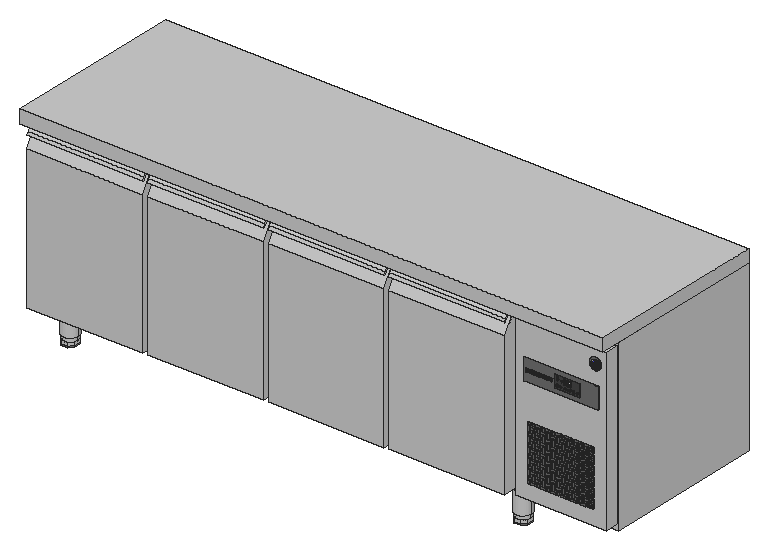
Revit family "QF_HOSHIZAKI_889040822", category Specialty Equipment, Revit 2016 (continued)
Definition of nested family "QF_HOSHIZAKI_ADVANCE_REF-COUNTER-DOORS-DRAWERS"
  Nested families
    nested 1: "Right_Door" at (0, 0, 0), Section size <- "Section size", type "Right door"
      with Worktop thickness 50 mm, Section size 446 mm, Legs height 0 mm, Height Actual 700 mm, Depth Actual 0 mm
    nested 2: "Left_Door" at (0, 0, 0), Section size <- "Section size", type "Left door"
      with Worktop thickness 50 mm, Section size 446 mm, Legs height 0 mm, Height Actual 700 mm, Depth Actual 0 mm, Left hand hinged door no
    nested 3: "3_Drawers_1-3" at (0, 0, 0), Section size <- "Section size", type "3 Drawers 1-3"
      with Worktop thickness 50 mm, Section size 446 mm, Legs height 0 mm, Height Actual 700 mm, Depth Actual 0 mm, 3 Drawers no
    nested 4: "2_Drawers_1-2" at (0, 0, 0), Section size <- "Section size", type "2 Drawers 1-2"
      with Worktop thickness 50 mm, Section size 446 mm, Legs height 0 mm, Height Actual 700 mm, Depth Actual 0 mm, 2 Drawers no
    nested 5: "3_Drawers_1-3_2-3" at (0, 0, 0), Section size <- "Section size", type "2 Drawers 1-3 and 2-3"
      with Worktop thickness 40 mm, Section size 446 mm, Legs height 0 mm, Height Actual 750 mm, Depth Actual 0 mm, 2 Drawers 1-3 and 2-3 no
    nested 6: "Right_Glass_Door" at (0, 0, 0), Section size <- "Section size", type "Right glass door"
      with Worktop thickness 40 mm, Section size 446 mm, Legs height 0 mm, Height Actual 750 mm, Depth Actual 0 mm, Right hand hinged glass door no
    nested 7: "Left_Glass_Door" at (0, 0, 0), Section size <- "Section size", type "Left glass door"
      with Worktop thickness 40 mm, Section size 446 mm, Legs height 0 mm, Height Actual 750 mm, Depth Actual 0 mm, Left hand hinged glass door no
  Definition of nested family "Right_Door"
    Parameters (values of type "Right door")
      Worktop thickness [instance] = 50 mm
      URL = "www.specifiglobal.com"
      Section size [instance] = 446 mm
      Right hand hinged door = yes
      Model = ""
      Manufacturer = "DEMO CONSULTANT"
      Legs height [instance] = 150 mm
      Height Actual [instance] = 850 mm
      Description = ""
      Depth Actual [instance] = 700 mm
      Assembly Code = "E1090320"
    Reference planes
      plane 1 "Back": y = 0
      plane 2: z = 0
      plane 3 "Left": x = 0
      plane 4 "Right": x = 446
      plane 5 "Front": y = -700
      plane 6 "Top": z = 850
      plane 7 "Front door": y = -633
      plane 8 "Bottom shelf": z = 150
      plane 9 "Worktop bottom": z = 800
      plane 10: z = 784
      plane 11: z = 170
    Forms (mm)
      Extrusion 1, solid, visible <- "Right hand hinged door", detail levels coarse
        sketch origin (0, -608.657, 170) x (0, 1, 0) y (-1, 0, 0)
          loop
            arc (-85.343, 0) -> (-400.712, -130.63) -> (-531.343, -446) r 446
            line (-531.343, -446) -> (-85.343, -446) -> (-85.343, 0)
        from 0 to 614
      Extrusion 2, solid, visible <- "Right hand hinged door"
        sketch origin (860, -633, 4000) x (-1, 0, 0) y (0, 0, 1)
          loop
            line (852, -3224) -> (422, -3224) -> (422, -3822) -> (852, -3822) -> (852, -3224)
          loop
            line (823, -3253) -> (451, -3253) -> (451, -3793) -> (823, -3793) -> (823, -3253)
        from 0 to -11
      Extrusion 3, solid, visible <- "Right hand hinged door"
        sketch origin (0, 0, 0) x (0, 1, 0) y (0, 0, 1)
          loop
            line (-644, 784) -> (-675.296, 784)
            arc (-675.296, 784) -> (-683.245, 781.721) -> (-688.778, 775.576) r 15
            line (-688.778, 775.576) -> (-694, 764.869) -> (-692.202, 763.992) -> (-686.981, 774.699)
            arc (-686.981, 774.699) -> (-682.185, 780.025) -> (-675.296, 782) r 13
            line (-675.296, 782) -> (-656.484, 782) -> (-694, 717.02) -> (-694, 170) -> (-644, 170) -> (-644, 784)
        from 0 to 446
    Lines and regions (mm)
      symbolic lines, visible <- "Right hand hinged door"
        curve 1: line (446, -700, 850) -> (446, -1140, 850)
        curve 2: arc (0.04, -700, 850) -> (132.759, -1011.484, 850) -> (446, -1140, 850) r 446
    Dimensions and locks
      "Section size": plane 3 "Left" to plane 4 "Right"
      "Depth Actual": plane 5 "Front" to plane 1 "Back"
      "Height Actual": plane 6 "Top" to level
      locked: plane 7 "Front door" to plane 5 "Front" at 67
      "Legs height": plane 8 "Bottom shelf" to plane 2
      "Worktop thickness": plane 6 "Top" to plane 9 "Worktop bottom"
      locked: plane 11 to plane 8 "Bottom shelf" at 20
      locked: plane 9 "Worktop bottom" to plane 10 at 16
      aligned and locked: level to plane 2
      aligned and locked: Extrusion 1 to plane 10
      aligned and locked: Extrusion 3 to plane 4 "Right"
      aligned and locked: curve 2 to Extrusion 1
      aligned and locked: plane 10 to Extrusion 3 sketch curve
      aligned and locked: Extrusion 3 sketch curve to plane 11
    Automatic sketch dimensions
      plane 4 "Right" to Extrusion 2 sketch curve = 8 mm
      plane 4 "Right" to Extrusion 2 sketch curve = 37 mm
      plane 3 "Left" to Extrusion 2 sketch curve = 37 mm
      plane 3 "Left" to Extrusion 2 sketch curve = 8 mm
      plane 11 to Extrusion 2 sketch curve = 8 mm
      plane 11 to Extrusion 2 sketch curve = 37 mm
      Extrusion 2 sketch curve to plane 10 = 37 mm
      Extrusion 2 sketch curve to plane 10 = 8 mm
      Extrusion 1 sketch curve to plane 4 "Right" = 0 mm
      Extrusion 1 sketch curve to plane 3 "Left" = 0 mm
      plane 5 "Front" to Extrusion 1 sketch curve = 6 mm
      curve 1 to plane 5 "Front" = 0 mm
      curve 2 to plane 5 "Front" = 0 mm
      Extrusion 3 sketch curve to Extrusion 3 sketch curve = 0 mm  (x2)
      Extrusion 3 sketch curve to plane 7 "Front door" = 61 mm  (x2)
      Extrusion 3 sketch curve to Extrusion 3 sketch curve = 1.798 mm  (x2)
      Extrusion 3 sketch curve to plane 10 = 8.424 mm
      Extrusion 3 sketch curve to Extrusion 3 sketch curve = 5.222 mm
      Extrusion 3 sketch curve to plane 10 = 9.301 mm
      Extrusion 3 sketch curve to plane 7 "Front door" = 42.296 mm
      Extrusion 3 sketch curve to plane 7 "Front door" = 23.484 mm
      Extrusion 3 sketch curve to Extrusion 3 sketch curve = 12.484 mm
      Extrusion 3 sketch curve to Extrusion 3 sketch curve = 46.972 mm
  Definition of nested family "Left_Door"
    Parameters (values of type "Left door")
      Worktop thickness [instance] = 50 mm
      URL = "www.specifiglobal.com"
      Section size [instance] = 450 mm
      Model = ""
      Manufacturer = "DEMO CONSULTANT"
      Legs height [instance] = 150 mm
      Left hand hinged door = yes
      Height Actual [instance] = 850 mm
      Description = ""
      Depth Actual [instance] = 700 mm
      Assembly Code = "E1090320"
    Reference planes
      plane 1 "Back": y = 0
      plane 2: z = 0
      plane 3 "Left": x = 0
      plane 4 "Right": x = 450
      plane 5 "Front": y = -700
      plane 6 "Top": z = 850
      plane 7 "Front door": y = -633
      plane 8 "Bottom shelf": z = 150
      plane 9 "Worktop bottom": z = 800
      plane 10: z = 784
      plane 11: z = 170
    Forms (mm)
      Extrusion 1, solid, visible <- "Left hand hinged door"
        sketch origin (860, -633, 4000) x (-1, 0, 0) y (0, 0, 1)
          loop
            line (852, -3224) -> (418, -3224) -> (418, -3822) -> (852, -3822) -> (852, -3224)
          loop
            line (823, -3253) -> (447, -3253) -> (447, -3793) -> (823, -3793) -> (823, -3253)
        from 0 to -11
      Extrusion 2, solid, visible <- "Left hand hinged door"
        sketch origin (0, 0, 0) x (0, 1, 0) y (0, 0, 1)
          loop
            line (-644, 784) -> (-675.296, 784)
            arc (-675.296, 784) -> (-683.245, 781.721) -> (-688.778, 775.576) r 15
            line (-688.778, 775.576) -> (-694, 764.869) -> (-692.202, 763.992) -> (-686.981, 774.699)
            arc (-686.981, 774.699) -> (-682.185, 780.025) -> (-675.296, 782) r 13
            line (-675.296, 782) -> (-656.484, 782) -> (-694, 717.02) -> (-694, 170) -> (-644, 170) -> (-644, 784)
        from 0 to 450
      Extrusion 3, solid, visible <- "Left hand hinged door", detail levels coarse
        sketch origin (0, -608.657, 170) x (0, 1, 0) y (-1, 0, 0)
          loop
            line (-85.343, -450) -> (-85.343, 0) -> (-535.343, 0)
            arc (-535.343, 0) -> (-403.541, -318.198) -> (-85.343, -450) r 450
        from 0 to 614
    Lines and regions (mm)
      symbolic lines, visible <- "Left hand hinged door"
        curve 1: line (0, -700, 850) -> (0, -1144, 850)
        curve 2: arc (0, -1144, 850) -> (316.07, -1014.312, 850) -> (449.96, -700, 850) r 450
    Dimensions and locks
      "Section size": plane 3 "Left" to plane 4 "Right"
      "Depth Actual": plane 5 "Front" to plane 1 "Back"
      "Height Actual": plane 6 "Top" to level
      locked: plane 7 "Front door" to plane 5 "Front" at 67
      "Legs height": plane 8 "Bottom shelf" to plane 2
      "Worktop thickness": plane 6 "Top" to plane 9 "Worktop bottom"
      locked: plane 11 to plane 8 "Bottom shelf" at 20
      locked: plane 9 "Worktop bottom" to plane 10 at 16
      aligned and locked: level to plane 2
      aligned and locked: Extrusion 2 to plane 4 "Right"
      aligned and locked: Extrusion 3 to plane 10
      aligned and locked: curve 2 to Extrusion 3
      aligned and locked: plane 10 to Extrusion 2 sketch curve
      aligned and locked: Extrusion 2 sketch curve to plane 11
    Automatic sketch dimensions
      plane 4 "Right" to Extrusion 1 sketch curve = 8 mm
      plane 4 "Right" to Extrusion 1 sketch curve = 37 mm
      plane 3 "Left" to Extrusion 1 sketch curve = 37 mm
      plane 3 "Left" to Extrusion 1 sketch curve = 8 mm
      plane 11 to Extrusion 1 sketch curve = 8 mm
      plane 11 to Extrusion 1 sketch curve = 37 mm
      Extrusion 1 sketch curve to plane 10 = 37 mm
      Extrusion 1 sketch curve to plane 10 = 8 mm
      Extrusion 3 sketch curve to plane 3 "Left" = 0 mm
      Extrusion 3 sketch curve to plane 4 "Right" = 0 mm
      plane 5 "Front" to Extrusion 3 sketch curve = 6 mm
      curve 1 to plane 5 "Front" = 0 mm
      curve 2 to plane 5 "Front" = 0 mm
      Extrusion 2 sketch curve to Extrusion 2 sketch curve = 0 mm  (x2)
      plane 5 "Front" to Extrusion 2 sketch curve = 6 mm  (x2)
      Extrusion 2 sketch curve to Extrusion 2 sketch curve = 1.798 mm
      plane 5 "Front" to Extrusion 2 sketch curve = 11.222 mm
      Extrusion 2 sketch curve to Extrusion 2 sketch curve = 11.684 mm
      Extrusion 2 sketch curve to Extrusion 2 sketch curve = 18.812 mm
      Extrusion 2 sketch curve to plane 7 "Front door" = 11 mm
      Extrusion 2 sketch curve to plane 10 = 66.98 mm
      Extrusion 2 sketch curve to plane 10 = 20.008 mm
      Extrusion 2 sketch curve to Extrusion 2 sketch curve = 0.877 mm  (x2)
  Definition of nested family "3_Drawers_1-3"
    Parameters (values of type "3 Drawers 1-3")
      Worktop thickness [instance] = 50 mm
      URL = "www.specifiglobal.com"
      Section size [instance] = 446 mm
      Model = ""
      Manufacturer = "DEMO CONSULTANT"
      Legs height [instance] = 150 mm
      Height Actual [instance] = 850 mm
      Description = ""
      Depth Actual [instance] = 700 mm
      Assembly Code = "E1090320"
      3 Drawers = yes
    Reference planes
      plane 1 "Back": y = 0
      plane 2: z = 0
      plane 3 "Left": x = 0
      plane 4 "Right": x = 446
      plane 5 "Front": y = -700
      plane 6 "Top": z = 850
      plane 7 "Front door": y = -633
      plane 8 "Bottom shelf": z = 150
      plane 9 "Worktop bottom": z = 800
      plane 10: z = 784
      plane 11: z = 170
      plane 12: z = 584
      plane 13: z = 577
      plane 14: z = 370
      plane 15: z = 377
      plane 16: z = 580.5
      plane 17: z = 373.5
      plane 18: z = 166.5
      plane 19: z = 787.5
    Forms (mm)
      Extrusion 1, solid, visible <- "3 Drawers"
        sketch origin (860, -633, 4000) x (-1, 0, 0) y (0, 0, 1)
          loop
            line (852, -3224) -> (422, -3224) -> (422, -3408) -> (852, -3408) -> (852, -3224)
          loop
            line (823, -3253) -> (451, -3253) -> (451, -3379) -> (823, -3379) -> (823, -3253)
        from 0 to -11
      Extrusion 2, solid, visible <- "3 Drawers"
        sketch origin (0, 0, 0) x (0, 1, 0) y (0, 0, 1)
          loop
            line (-644, 784) -> (-675.296, 784)
            arc (-675.296, 784) -> (-683.245, 781.721) -> (-688.778, 775.576) r 15
            line (-688.778, 775.576) -> (-694, 764.869) -> (-692.202, 763.992) -> (-686.981, 774.699)
            arc (-686.981, 774.699) -> (-682.185, 780.025) -> (-675.296, 782) r 13
            line (-675.296, 782) -> (-656.484, 782) -> (-694, 717.02) -> (-694, 584) -> (-644, 584) -> (-644, 784)
        from 0 to 446
      Extrusion 3, solid, visible <- "3 Drawers"
        sketch origin (0, 0, -237.3) x (0, 1, 0) y (0, 0, 1)
          loop
            line (-644, 814.3) -> (-675.296, 814.3)
            arc (-675.296, 814.3) -> (-683.245, 812.021) -> (-688.778, 805.876) r 15
            line (-688.778, 805.876) -> (-694, 795.169) -> (-692.202, 794.292) -> (-686.981, 804.999)
            arc (-686.981, 804.999) -> (-682.185, 810.325) -> (-675.296, 812.3) r 13
            line (-675.296, 812.3) -> (-656.484, 812.3) -> (-694, 747.32) -> (-694, 614.3) -> (-644, 614.3) -> (-644, 814.3)
        from 0 to 446
      Extrusion 4, solid, visible <- "3 Drawers"
        sketch origin (0, 0, -463.333) x (0, 1, 0) y (0, 0, 1)
          loop
            line (-644, 833.333) -> (-675.296, 833.333)
            arc (-675.296, 833.333) -> (-683.245, 831.054) -> (-688.778, 824.909) r 15
            line (-688.778, 824.909) -> (-694, 814.202) -> (-692.202, 813.326) -> (-686.981, 824.032)
            arc (-686.981, 824.032) -> (-682.185, 829.358) -> (-675.296, 831.333) r 13
            line (-675.296, 831.333) -> (-656.484, 831.333) -> (-694, 766.353) -> (-694, 633.333) -> (-644, 633.333) -> (-644, 833.333)
        from 0 to 446
      Extrusion 5, solid, visible <- "3 Drawers"
        sketch origin (860, -633, 3773.7) x (-1, 0, 0) y (0, 0, 1)
          loop
            line (852, -3204.7) -> (422, -3204.7) -> (422, -3388.7) -> (852, -3388.7) -> (852, -3204.7)
          loop
            line (823, -3233.7) -> (451, -3233.7) -> (451, -3359.7) -> (823, -3359.7) -> (823, -3233.7)
        from 0 to -11
      Extrusion 6, solid, visible <- "3 Drawers"
        sketch origin (860, -633, 3547) x (-1, 0, 0) y (0, 0, 1)
          loop
            line (852, -3185) -> (422, -3185) -> (422, -3369) -> (852, -3369) -> (852, -3185)
          loop
            line (823, -3214) -> (451, -3214) -> (451, -3340) -> (823, -3340) -> (823, -3214)
        from 0 to -11
      Extrusion 7, solid, visible <- "3 Drawers", detail levels coarse
        sketch origin (0, -608.657, 584) x (0, 1, 0) y (-1, 0, 0)
          loop
            line (-85.343, 0) -> (-551.343, 0) -> (-551.343, -446) -> (-85.343, -446) -> (-85.343, 0)
        from 0 to 200
      Extrusion 8, solid, visible <- "3 Drawers", detail levels coarse
        sketch origin (0, -503.657, 377) x (0, 1, 0) y (-1, 0, 0)
          loop
            line (-190.343, 0) -> (-656.343, 0) -> (-656.343, -446) -> (-190.343, -446) -> (-190.343, 0)
        from 0 to 200
      Extrusion 9, solid, visible <- "3 Drawers", detail levels coarse
        sketch origin (0, -343.657, 170) x (0, 1, 0) y (-1, 0, 0)
          loop
            line (-350.343, 0) -> (-816.343, 0) -> (-816.343, -446) -> (-350.343, -446) -> (-350.343, 0)
        from 0 to 200
    Lines and regions (mm)
      symbolic lines, visible <- "3 Drawers"
        curve 1: line (0, -808, 850) -> (0, -854, 850)
        curve 2: line (0, -854, 850) -> (446, -854, 850)
        curve 3: line (446, -854, 850) -> (446, -808, 850)
        curve 4: line (446, -808, 850) -> (0, -808, 850)
        curve 5: line (416, -808, 850) -> (416, -700, 850)
        curve 6: line (30, -808, 850) -> (30, -700, 850)
        curve 7: line (0, -961, 850) -> (0, -1007, 850)
        curve 8: line (0, -1007, 850) -> (446, -1007, 850)
        curve 9: line (446, -1007, 850) -> (446, -961, 850)
        curve 10: line (446, -961, 850) -> (0, -961, 850)
        curve 11: line (416, -961, 850) -> (416, -854, 850)
        curve 12: line (30, -961, 850) -> (30, -854, 850)
        curve 13: line (0, -1114, 850) -> (0, -1160, 850)
        curve 14: line (0, -1160, 850) -> (446, -1160, 850)
        curve 15: line (446, -1160, 850) -> (446, -1114, 850)
        curve 16: line (446, -1114, 850) -> (0, -1114, 850)
        curve 17: line (416, -1114, 850) -> (416, -1007, 850)
        curve 18: line (30, -1114, 850) -> (30, -1007, 850)
    Dimensions and locks
      "Section size": plane 3 "Left" to plane 4 "Right"
      "Depth Actual": plane 5 "Front" to plane 1 "Back"
      "Height Actual": plane 6 "Top" to level
      locked: plane 7 "Front door" to plane 5 "Front" at 67
      "Legs height": plane 8 "Bottom shelf" to plane 2
      "Worktop thickness": plane 6 "Top" to plane 9 "Worktop bottom"
      locked: plane 11 to plane 8 "Bottom shelf" at 20
      locked: plane 9 "Worktop bottom" to plane 10 at 16
      locked: plane 12 to plane 13 at 7
      locked: plane 15 to plane 14 at 7
      locked: plane 11 to plane 18 at 3.5
      equal spacing: plane 12, plane 16, plane 13
      equal spacing: plane 15, plane 17, plane 14
      locked: plane 19 to plane 10 at 3.5
      equal spacing: plane 19, plane 16, plane 17, plane 18
      aligned and locked: level to plane 2
      aligned and locked: Extrusion 2 to plane 4 "Right"
      aligned and locked: Extrusion 3 to plane 4 "Right"
      aligned and locked: Extrusion 4 to plane 4 "Right"
      aligned and locked: plane 4 "Right" to Extrusion 7 sketch curve
      aligned and locked: plane 3 "Left" to Extrusion 7 sketch curve
      aligned and locked: Extrusion 7 to plane 10
      aligned and locked: Extrusion 8 to plane 13
      aligned and locked: Extrusion 9 to plane 14
      aligned and locked: plane 10 to Extrusion 2 sketch curve
      aligned and locked: Extrusion 2 sketch curve to plane 12
      aligned and locked: Extrusion 3 sketch curve to plane 15
      aligned and locked: plane 13 to Extrusion 3 sketch curve
    Automatic sketch dimensions
      plane 4 "Right" to Extrusion 1 sketch curve = 8 mm
      plane 4 "Right" to Extrusion 1 sketch curve = 37 mm
      plane 3 "Left" to Extrusion 1 sketch curve = 37 mm
      plane 3 "Left" to Extrusion 1 sketch curve = 8 mm
      plane 12 to Extrusion 1 sketch curve = 8 mm
      plane 12 to Extrusion 1 sketch curve = 37 mm
      Extrusion 1 sketch curve to plane 10 = 37 mm
      Extrusion 1 sketch curve to plane 10 = 8 mm
      plane 4 "Right" to Extrusion 5 sketch curve = 8 mm
      plane 4 "Right" to Extrusion 5 sketch curve = 37 mm
      plane 3 "Left" to Extrusion 5 sketch curve = 37 mm
      plane 3 "Left" to Extrusion 5 sketch curve = 8 mm
      plane 15 to Extrusion 5 sketch curve = 8 mm
      plane 15 to Extrusion 5 sketch curve = 37 mm
      Extrusion 5 sketch curve to plane 13 = 37 mm
      Extrusion 5 sketch curve to plane 13 = 8 mm
      plane 4 "Right" to Extrusion 6 sketch curve = 8 mm
      plane 4 "Right" to Extrusion 6 sketch curve = 37 mm
      plane 3 "Left" to Extrusion 6 sketch curve = 37 mm
      plane 3 "Left" to Extrusion 6 sketch curve = 8 mm
      plane 11 to Extrusion 6 sketch curve = 8 mm
      plane 11 to Extrusion 6 sketch curve = 37 mm
      Extrusion 6 sketch curve to plane 14 = 37 mm
      Extrusion 6 sketch curve to plane 14 = 8 mm
      Extrusion 7 sketch curve to plane 5 "Front" = 460 mm
      plane 5 "Front" to Extrusion 7 sketch curve = 6 mm
      Extrusion 8 sketch curve to plane 3 "Left" = 0 mm
      Extrusion 8 sketch curve to plane 4 "Right" = 0 mm
      Extrusion 8 sketch curve to plane 5 "Front" = 460 mm
      plane 5 "Front" to Extrusion 8 sketch curve = 6 mm
      Extrusion 9 sketch curve to plane 3 "Left" = 0 mm
      Extrusion 9 sketch curve to plane 4 "Right" = 0 mm
      Extrusion 9 sketch curve to plane 5 "Front" = 460 mm
      plane 5 "Front" to Extrusion 9 sketch curve = 6 mm
      curve 13 to plane 3 "Left" = 0 mm
      curve 14 to plane 4 "Right" = 0 mm
      curve 7 to plane 3 "Left" = 0 mm
      curve 8 to plane 4 "Right" = 0 mm
      curve 1 to plane 3 "Left" = 0 mm
      curve 3 to plane 4 "Right" = 0 mm
      curve 6 to plane 5 "Front" = 0 mm
      curve 5 to plane 5 "Front" = 0 mm
      curve 1 to plane 5 "Front" = 108 mm
      curve 2 to curve 3 = 46 mm
      curve 7 to curve 1 = 107 mm
      curve 9 to curve 9 = 46 mm
      curve 16 to curve 7 = 107 mm
      curve 14 to curve 13 = 46 mm
      curve 8 to curve 17 = 30 mm
      curve 9 to curve 11 = 30 mm
      curve 3 to curve 5 = 30 mm
      plane 3 "Left" to curve 6 = 30 mm
      plane 3 "Left" to curve 18 = 30 mm
      plane 3 "Left" to curve 12 = 30 mm
      Extrusion 2 sketch curve to Extrusion 2 sketch curve = 0 mm  (x3)
      plane 5 "Front" to Extrusion 2 sketch curve = 6 mm  (x2)
      Extrusion 2 sketch curve to Extrusion 2 sketch curve = 1.798 mm  (x2)
      Extrusion 2 sketch curve to Extrusion 2 sketch curve = 11.684 mm
      plane 5 "Front" to Extrusion 2 sketch curve = 43.516 mm
      plane 5 "Front" to Extrusion 2 sketch curve = 56 mm
      Extrusion 2 sketch curve to plane 10 = 66.98 mm
      Extrusion 3 sketch curve to Extrusion 3 sketch curve = 0 mm  (x4)
      Extrusion 3 sketch curve to Extrusion 3 sketch curve = 1.798 mm  (x2)
      plane 5 "Front" to Extrusion 3 sketch curve = 11.222 mm
      Extrusion 3 sketch curve to Extrusion 3 sketch curve = 18.812 mm
      Extrusion 3 sketch curve to plane 7 "Front door" = 11 mm
      Extrusion 3 sketch curve to Extrusion 3 sketch curve = 46.972 mm
      Extrusion 4 sketch curve to Extrusion 4 sketch curve = 0 mm  (x2)
      Extrusion 4 sketch curve to plane 11 = 0 mm
      Extrusion 4 sketch curve to plane 14 = 0 mm
      Extrusion 4 sketch curve to plane 7 "Front door" = 61 mm  (x2)
      Extrusion 4 sketch curve to Extrusion 4 sketch curve = 1.798 mm  (x2)
      Extrusion 4 sketch curve to plane 14 = 8.424 mm
      Extrusion 4 sketch curve to Extrusion 4 sketch curve = 5.222 mm
      Extrusion 4 sketch curve to plane 14 = 9.301 mm
      Extrusion 4 sketch curve to plane 7 "Front door" = 42.296 mm
      Extrusion 4 sketch curve to plane 7 "Front door" = 23.484 mm
      Extrusion 4 sketch curve to plane 7 "Front door" = 11 mm
      Extrusion 4 sketch curve to Extrusion 4 sketch curve = 46.972 mm
      plane 5 "Front" to Extrusion 2 sketch curve = 11.222 mm
      plane 5 "Front" to Extrusion 3 sketch curve = 7.798 mm
      plane 5 "Front" to Extrusion 3 sketch curve = 6 mm
      Extrusion 3 sketch curve to Extrusion 3 sketch curve = 11.684 mm
      Extrusion 3 sketch curve to Extrusion 3 sketch curve = 66.98 mm
      Extrusion 3 sketch curve to Extrusion 3 sketch curve = 0.877 mm
      Extrusion 2 sketch curve to plane 10 = 20.008 mm
      Extrusion 2 sketch curve to Extrusion 2 sketch curve = 0.877 mm
  Definition of nested family "2_Drawers_1-2"
    Parameters (values of type "2 Drawers 1-2")
      Worktop thickness [instance] = 50 mm
      URL = "www.specifiglobal.com"
      Section size [instance] = 446 mm
      Model = ""
      Manufacturer = "DEMO CONSULTANT"
      Legs height [instance] = 150 mm
      Height Actual [instance] = 850 mm
      Description = ""
      Depth Actual [instance] = 700 mm
      Assembly Code = "E1090320"
      2 Drawers = yes
    Reference planes
      plane 1 "Back": y = 0
      plane 2: z = 0
      plane 3 "Left": x = 0
      plane 4 "Right": x = 446
      plane 5 "Front": y = -700
      plane 6 "Top": z = 850
      plane 7 "Front door": y = -633
      plane 8 "Bottom shelf": z = 150
      plane 9 "Worktop bottom": z = 800
      plane 10: z = 784
      plane 11: z = 170
      plane 12: z = 481
      plane 13: z = 473
      plane 14: z = 477
      plane 15: z = 792
      plane 16: z = 160
    Forms (mm)
      Extrusion 1, solid, visible <- "2 Drawers"
        sketch origin (860, -633, 4000) x (-1, 0, 0) y (0, 0, 1)
          loop
            line (852, -3224) -> (422, -3224) -> (422, -3511) -> (852, -3511) -> (852, -3224)
          loop
            line (823, -3253) -> (451, -3253) -> (451, -3482) -> (823, -3482) -> (823, -3253)
        from 0 to -11
      Extrusion 2, solid, visible <- "2 Drawers"
        sketch origin (0, 0, 0) x (0, 1, 0) y (0, 0, 1)
          loop
            line (-644, 784) -> (-675.296, 784)
            arc (-675.296, 784) -> (-683.245, 781.721) -> (-688.778, 775.576) r 15
            line (-688.778, 775.576) -> (-694, 764.869) -> (-692.202, 763.992) -> (-686.981, 774.699)
            arc (-686.981, 774.699) -> (-682.185, 780.025) -> (-675.296, 782) r 13
            line (-675.296, 782) -> (-656.484, 782) -> (-694, 717.02) -> (-694, 481) -> (-644, 481) -> (-644, 784)
        from 0 to 446
      Extrusion 3, solid, visible <- "2 Drawers"
        sketch origin (0, 0, -463.333) x (0, 1, 0) y (0, 0, 1)
          loop
            line (-644, 936.333) -> (-675.296, 936.333)
            arc (-675.296, 936.333) -> (-683.245, 934.054) -> (-688.778, 927.909) r 15
            line (-688.778, 927.909) -> (-694, 917.202) -> (-692.202, 916.326) -> (-686.981, 927.032)
            arc (-686.981, 927.032) -> (-682.185, 932.358) -> (-675.296, 934.333) r 13
            line (-675.296, 934.333) -> (-656.484, 934.333) -> (-694, 869.353) -> (-694, 633.333) -> (-644, 633.333) -> (-644, 936.333)
        from 0 to 446
      Extrusion 4, solid, visible <- "2 Drawers"
        sketch origin (860, -633, 3547) x (-1, 0, 0) y (0, 0, 1)
          loop
            line (852, -3082) -> (422, -3082) -> (422, -3369) -> (852, -3369) -> (852, -3082)
          loop
            line (823, -3111) -> (451, -3111) -> (451, -3340) -> (823, -3340) -> (823, -3111)
        from 0 to -11
      Extrusion 5, solid, visible <- "2 Drawers", detail levels coarse
        sketch origin (0, -608.657, 481) x (0, 1, 0) y (-1, 0, 0)
          loop
            line (-85.343, 0) -> (-551.343, 0) -> (-551.343, -446) -> (-85.343, -446) -> (-85.343, 0)
        from 0 to 303
      Extrusion 6, solid, visible <- "2 Drawers", detail levels coarse
        sketch origin (0, -343.657, 170) x (0, 1, 0) y (-1, 0, 0)
          loop
            line (-350.343, 0) -> (-816.343, 0) -> (-816.343, -446) -> (-350.343, -446) -> (-350.343, 0)
        from 0 to 303
    Lines and regions (mm)
      symbolic lines, visible <- "2 Drawers"
        curve 1: line (0, -884, 850) -> (0, -930, 850)
        curve 2: line (0, -930, 850) -> (446, -930, 850)
        curve 3: line (446, -930, 850) -> (446, -884, 850)
        curve 4: line (446, -884, 850) -> (0, -884, 850)
        curve 5: line (416, -884, 850) -> (416, -700, 850)
        curve 6: line (30, -884, 850) -> (30, -700, 850)
        curve 7: line (0, -1114, 850) -> (0, -1160, 850)
        curve 8: line (0, -1160, 850) -> (446, -1160, 850)
        curve 9: line (446, -1160, 850) -> (446, -1114, 850)
        curve 10: line (446, -1114, 850) -> (0, -1114, 850)
        curve 11: line (416, -1114, 850) -> (416, -930, 850)
        curve 12: line (30, -1114, 850) -> (30, -930, 850)
    Dimensions and locks
      "Section size": plane 3 "Left" to plane 4 "Right"
      "Depth Actual": plane 5 "Front" to plane 1 "Back"
      "Height Actual": plane 6 "Top" to level
      locked: plane 7 "Front door" to plane 5 "Front" at 67
      "Legs height": plane 8 "Bottom shelf" to plane 2
      "Worktop thickness": plane 6 "Top" to plane 9 "Worktop bottom"
      locked: plane 11 to plane 8 "Bottom shelf" at 20
      locked: plane 9 "Worktop bottom" to plane 10 at 16
      equal spacing: plane 9 "Worktop bottom", plane 15, plane 10
      equal spacing: plane 11, plane 16, plane 8 "Bottom shelf"
      plane 12 to plane 13 = 8 mm
      equal spacing: plane 12, plane 14, plane 13
      equal spacing: plane 10, plane 14, plane 11
      aligned and locked: level to plane 2
      aligned and locked: Extrusion 2 to plane 4 "Right"
      aligned and locked: Extrusion 3 to plane 4 "Right"
      aligned and locked: plane 4 "Right" to Extrusion 5 sketch curve
      aligned and locked: plane 3 "Left" to Extrusion 5 sketch curve
      aligned and locked: Extrusion 5 to plane 10
      aligned and locked: Extrusion 6 to plane 13
      aligned and locked: Extrusion 2 sketch curve to plane 12
      aligned and locked: plane 10 to Extrusion 2 sketch curve
      aligned and locked: Extrusion 3 sketch curve to plane 11
      aligned and locked: plane 13 to Extrusion 3 sketch curve
    Automatic sketch dimensions
      plane 4 "Right" to Extrusion 1 sketch curve = 8 mm
      plane 4 "Right" to Extrusion 1 sketch curve = 37 mm
      plane 3 "Left" to Extrusion 1 sketch curve = 37 mm
      plane 3 "Left" to Extrusion 1 sketch curve = 8 mm
      plane 12 to Extrusion 1 sketch curve = 8 mm
      plane 12 to Extrusion 1 sketch curve = 37 mm
      Extrusion 1 sketch curve to plane 10 = 37 mm
      Extrusion 1 sketch curve to plane 10 = 8 mm
      plane 4 "Right" to Extrusion 4 sketch curve = 8 mm
      plane 4 "Right" to Extrusion 4 sketch curve = 37 mm
      plane 3 "Left" to Extrusion 4 sketch curve = 37 mm
      plane 3 "Left" to Extrusion 4 sketch curve = 8 mm
      plane 11 to Extrusion 4 sketch curve = 8 mm
      plane 11 to Extrusion 4 sketch curve = 37 mm
      Extrusion 4 sketch curve to plane 13 = 37 mm
      Extrusion 4 sketch curve to plane 13 = 8 mm
      Extrusion 5 sketch curve to plane 5 "Front" = 460 mm
      plane 5 "Front" to Extrusion 5 sketch curve = 6 mm
      Extrusion 6 sketch curve to plane 3 "Left" = 0 mm
      Extrusion 6 sketch curve to plane 4 "Right" = 0 mm
      Extrusion 6 sketch curve to plane 5 "Front" = 460 mm
      plane 5 "Front" to Extrusion 6 sketch curve = 6 mm
      curve 8 to plane 3 "Left" = 0 mm
      curve 8 to plane 4 "Right" = 0 mm
      curve 3 to plane 4 "Right" = 0 mm
      curve 1 to plane 3 "Left" = 0 mm
      curve 5 to plane 5 "Front" = 0 mm
      curve 6 to plane 5 "Front" = 0 mm
      curve 4 to plane 5 "Front" = 184 mm
      curve 2 to curve 1 = 46 mm
      curve 7 to curve 1 = 184 mm
      curve 9 to curve 9 = 46 mm
      plane 4 "Right" to curve 5 = 30 mm
      plane 4 "Right" to curve 11 = 30 mm
      plane 3 "Left" to curve 12 = 30 mm
      plane 3 "Left" to curve 6 = 30 mm
      Extrusion 2 sketch curve to Extrusion 2 sketch curve = 0 mm  (x2)
      plane 5 "Front" to Extrusion 2 sketch curve = 6 mm  (x2)
      Extrusion 2 sketch curve to Extrusion 2 sketch curve = 1.798 mm  (x2)
      Extrusion 2 sketch curve to Extrusion 2 sketch curve = 5.222 mm
      plane 5 "Front" to Extrusion 2 sketch curve = 24.704 mm
      plane 5 "Front" to Extrusion 2 sketch curve = 43.516 mm
      plane 5 "Front" to Extrusion 2 sketch curve = 56 mm
      Extrusion 2 sketch curve to Extrusion 2 sketch curve = 46.972 mm
      Extrusion 2 sketch curve to Extrusion 2 sketch curve = 0.877 mm
      Extrusion 2 sketch curve to Extrusion 2 sketch curve = 5.699 mm
      plane 5 "Front" to Extrusion 3 sketch curve = 6 mm  (x2)
      Extrusion 3 sketch curve to Extrusion 3 sketch curve = 1.798 mm  (x2)
      Extrusion 3 sketch curve to Extrusion 3 sketch curve = 5.222 mm
      Extrusion 3 sketch curve to Extrusion 3 sketch curve = 11.684 mm
      plane 5 "Front" to Extrusion 3 sketch curve = 43.516 mm
      plane 5 "Front" to Extrusion 3 sketch curve = 56 mm
      Extrusion 3 sketch curve to Extrusion 3 sketch curve = 46.972 mm
      Extrusion 3 sketch curve to Extrusion 3 sketch curve = 0 mm  (x2)
      Extrusion 3 sketch curve to Extrusion 3 sketch curve = 5.699 mm
      Extrusion 3 sketch curve to Extrusion 3 sketch curve = 0.877 mm
  Definition of nested family "3_Drawers_1-3_2-3"
    Parameters (values of type "2 Drawers 1-3 and 2-3")
      Worktop thickness [instance] = 40 mm
      URL = "www.specifiglobal.com"
      Section size [instance] = 421 mm
      Model = ""
      Manufacturer = "DEMO CONSULTANT"
      Legs height [instance] = 150 mm
      Height Actual [instance] = 900 mm
      Description = ""
      Depth Actual [instance] = 700 mm
      Assembly Code = "E1090320"
      2 Drawers 1-3 and 2-3 = yes
    Reference planes
      plane 1 "Back": y = 0
      plane 2: z = 0
      plane 3 "Left": x = 0
      plane 4 "Right": x = 421
      plane 5 "Front": y = -700
      plane 6 "Top": z = 900
      plane 7 "Front door": y = -633
      plane 8 "Bottom shelf": z = 150
      plane 9 "Worktop bottom": z = 860
      plane 10: z = 841
      plane 11: z = 186
      plane 12: z = 627
      plane 13: z = 620
      plane 14: z = 623.5
      plane 15: z = 850.5
      plane 16: z = 168
    Forms (mm)
      Extrusion 1, solid, visible <- "2 Drawers 1-3 and 2-3"
        sketch origin (860, -633, 4000) x (-1, 0, 0) y (0, 0, 1)
          loop
            line (852, -3167) -> (447, -3167) -> (447, -3365) -> (852, -3365) -> (852, -3167)
          loop
            line (823, -3196) -> (476, -3196) -> (476, -3336) -> (823, -3336) -> (823, -3196)
        from 0 to -11
      Extrusion 2, solid, visible <- "2 Drawers 1-3 and 2-3"
        sketch origin (0, 0, 0) x (0, 1, 0) y (0, 0, 1)
          loop
            line (-644, 841) -> (-675.296, 841)
            arc (-675.296, 841) -> (-683.245, 838.721) -> (-688.778, 832.576) r 15
            line (-688.778, 832.576) -> (-694, 821.869) -> (-692.202, 820.992) -> (-686.981, 831.699)
            arc (-686.981, 831.699) -> (-682.185, 837.025) -> (-675.296, 839) r 13
            line (-675.296, 839) -> (-656.484, 839) -> (-694, 774.02) -> (-694, 627) -> (-644, 627) -> (-644, 841)
        from 0 to 421
      Extrusion 3, solid, visible <- "2 Drawers 1-3 and 2-3"
        sketch origin (0, 0, -463.333) x (0, 1, 0) y (0, 0, 1)
          loop
            line (-644, 1083.333) -> (-675.296, 1083.333)
            arc (-675.296, 1083.333) -> (-683.245, 1081.054) -> (-688.778, 1074.909) r 15
            line (-688.778, 1074.909) -> (-694, 1064.202) -> (-692.202, 1063.326) -> (-686.981, 1074.032)
            arc (-686.981, 1074.032) -> (-682.185, 1079.358) -> (-675.296, 1081.333) r 13
            line (-675.296, 1081.333) -> (-656.484, 1081.333) -> (-694, 1016.353) -> (-694, 649.333) -> (-644, 649.333) -> (-644, 1083.333)
        from 0 to 421
      Extrusion 4, solid, visible <- "2 Drawers 1-3 and 2-3"
        sketch origin (860, -633, 3547) x (-1, 0, 0) y (0, 0, 1)
          loop
            line (852, -2935) -> (447, -2935) -> (447, -3353) -> (852, -3353) -> (852, -2935)
          loop
            line (823, -2964) -> (476, -2964) -> (476, -3324) -> (823, -3324) -> (823, -2964)
        from 0 to -11
      Extrusion 5, solid, visible <- "2 Drawers 1-3 and 2-3", detail levels coarse
        sketch origin (0, -608.657, 627) x (0, 1, 0) y (-1, 0, 0)
          loop
            line (-85.343, 0) -> (-551.343, 0) -> (-551.343, -421) -> (-85.343, -421) -> (-85.343, 0)
        from 0 to 214
      Extrusion 6, solid, visible <- "2 Drawers 1-3 and 2-3", detail levels coarse
        sketch origin (0, -343.657, 186) x (0, 1, 0) y (-1, 0, 0)
          loop
            line (-350.343, 0) -> (-816.343, 0) -> (-816.343, -421) -> (-350.343, -421) -> (-350.343, 0)
        from 0 to 434
    Lines and regions (mm)
      symbolic lines, visible <- "2 Drawers 1-3 and 2-3"
        curve 1: line (0, -804, 900) -> (0, -850, 900)
        curve 2: line (0, -850, 900) -> (421, -850, 900)
        curve 3: line (421, -850, 900) -> (421, -804, 900)
        curve 4: line (421, -804, 900) -> (0, -804, 900)
        curve 5: line (391, -804, 900) -> (391, -700, 900)
        curve 6: line (30, -804, 900) -> (30, -700, 900)
        curve 7: line (0, -1114, 900) -> (0, -1160, 900)
        curve 8: line (0, -1160, 900) -> (421, -1160, 900)
        curve 9: line (421, -1160, 900) -> (421, -1114, 900)
        curve 10: line (421, -1114, 900) -> (0, -1114, 900)
        curve 11: line (391, -1114, 900) -> (391, -850, 900)
        curve 12: line (30, -1114, 900) -> (30, -850, 900)
    Dimensions and locks
      "Section size": plane 3 "Left" to plane 4 "Right"
      "Depth Actual": plane 5 "Front" to plane 1 "Back"
      "Height Actual": plane 6 "Top" to level
      locked: plane 7 "Front door" to plane 5 "Front" at 67
      "Legs height": plane 8 "Bottom shelf" to plane 2
      "Worktop thickness": plane 6 "Top" to plane 9 "Worktop bottom"
      locked: plane 11 to plane 8 "Bottom shelf" at 36
      locked: plane 9 "Worktop bottom" to plane 10 at 19
      locked: plane 12 to plane 13 at 7
      equal spacing: plane 9 "Worktop bottom", plane 15, plane 10
      equal spacing: plane 11, plane 16, plane 8 "Bottom shelf"
      locked: Extrusion 4 sketch curve to plane 13 at 37
      locked: Extrusion 4 sketch curve to plane 13 at 8
      equal spacing: plane 12, plane 14, plane 13
      locked: plane 10 to plane 12 at 214
      aligned and locked: level to plane 2
      aligned and locked: Extrusion 2 to plane 4 "Right"
      aligned and locked: Extrusion 3 to plane 4 "Right"
      aligned and locked: plane 4 "Right" to Extrusion 5 sketch curve
      aligned and locked: plane 3 "Left" to Extrusion 5 sketch curve
      aligned and locked: Extrusion 5 to plane 10
      aligned and locked: Extrusion 6 to plane 13
      aligned and locked: plane 10 to Extrusion 2 sketch curve
      aligned and locked: Extrusion 2 sketch curve to plane 12
      aligned and locked: Extrusion 3 sketch curve to plane 11
      aligned and locked: plane 13 to Extrusion 3 sketch curve
    Automatic sketch dimensions
      plane 4 "Right" to Extrusion 1 sketch curve = 8 mm
      plane 4 "Right" to Extrusion 1 sketch curve = 37 mm
      plane 3 "Left" to Extrusion 1 sketch curve = 37 mm
      plane 3 "Left" to Extrusion 1 sketch curve = 8 mm
      plane 12 to Extrusion 1 sketch curve = 8 mm
      plane 12 to Extrusion 1 sketch curve = 37 mm
      Extrusion 1 sketch curve to plane 10 = 37 mm
      Extrusion 1 sketch curve to plane 10 = 8 mm
      plane 4 "Right" to Extrusion 4 sketch curve = 8 mm
      plane 4 "Right" to Extrusion 4 sketch curve = 37 mm
      plane 3 "Left" to Extrusion 4 sketch curve = 37 mm
      plane 3 "Left" to Extrusion 4 sketch curve = 8 mm
      plane 11 to Extrusion 4 sketch curve = 8 mm
      plane 11 to Extrusion 4 sketch curve = 37 mm
      Extrusion 5 sketch curve to plane 5 "Front" = 460 mm
      plane 5 "Front" to Extrusion 5 sketch curve = 6 mm
      Extrusion 6 sketch curve to plane 3 "Left" = 0 mm
      Extrusion 6 sketch curve to plane 4 "Right" = 0 mm
      Extrusion 6 sketch curve to plane 5 "Front" = 460 mm
      plane 5 "Front" to Extrusion 6 sketch curve = 6 mm
      curve 8 to plane 3 "Left" = 0 mm
      curve 8 to plane 4 "Right" = 0 mm
      curve 3 to plane 4 "Right" = 0 mm
      curve 1 to plane 3 "Left" = 0 mm
      curve 5 to plane 5 "Front" = 0 mm
      curve 6 to plane 5 "Front" = 0 mm
      curve 4 to plane 5 "Front" = 104 mm
      curve 2 to curve 1 = 46 mm
      curve 7 to curve 1 = 264 mm
      curve 9 to curve 9 = 46 mm
      curve 3 to curve 5 = 30 mm
      plane 4 "Right" to curve 11 = 30 mm
      plane 3 "Left" to curve 12 = 30 mm
      plane 3 "Left" to curve 6 = 30 mm
      Extrusion 2 sketch curve to Extrusion 2 sketch curve = 0 mm  (x2)
      Extrusion 2 sketch curve to plane 7 "Front door" = 61 mm  (x2)
      Extrusion 2 sketch curve to Extrusion 2 sketch curve = 1.798 mm  (x2)
      Extrusion 2 sketch curve to Extrusion 2 sketch curve = 5.222 mm
      Extrusion 2 sketch curve to Extrusion 2 sketch curve = 11.684 mm
      Extrusion 2 sketch curve to Extrusion 2 sketch curve = 18.812 mm
      Extrusion 2 sketch curve to Extrusion 2 sketch curve = 50 mm
      Extrusion 2 sketch curve to Extrusion 2 sketch curve = 46.972 mm
      Extrusion 2 sketch curve to Extrusion 2 sketch curve = 0.877 mm
      Extrusion 2 sketch curve to Extrusion 2 sketch curve = 5.699 mm
      Extrusion 3 sketch curve to Extrusion 3 sketch curve = 0 mm  (x2)
      plane 5 "Front" to Extrusion 3 sketch curve = 6 mm  (x2)
      Extrusion 3 sketch curve to Extrusion 3 sketch curve = 1.798 mm  (x2)
      plane 5 "Front" to Extrusion 3 sketch curve = 11.222 mm
      Extrusion 3 sketch curve to Extrusion 3 sketch curve = 11.684 mm
      Extrusion 3 sketch curve to Extrusion 3 sketch curve = 18.812 mm
      Extrusion 3 sketch curve to plane 7 "Front door" = 11 mm
      Extrusion 3 sketch curve to Extrusion 3 sketch curve = 57.679 mm
      Extrusion 3 sketch curve to Extrusion 3 sketch curve = 10.706 mm
      Extrusion 3 sketch curve to Extrusion 3 sketch curve = 5.699 mm
  Definition of nested family "Right_Glass_Door"
    Parameters (values of type "Right glass door")
      Worktop thickness [instance] = 40 mm
      URL = "www.specifiglobal.com"
      Section size [instance] = 421 mm
      Right hand hinged glass door = yes
      Model = ""
      Manufacturer = "DEMO CONSULTANT"
      Legs height [instance] = 150 mm
      Height Actual [instance] = 900 mm
      Description = ""
      Depth Actual [instance] = 700 mm
      Assembly Code = "E1090320"
    Reference planes
      plane 1 "Back": y = 0
      plane 2: z = 0
      plane 3 "Left": x = 0
      plane 4 "Right": x = 421
      plane 5 "Front": y = -700
      plane 6 "Top": z = 900
      plane 7 "Front door": y = -633
      plane 8 "Bottom shelf": z = 150
      plane 9 "Worktop bottom": z = 860
      plane 10: z = 841
      plane 11: z = 186
    Forms (mm)
      Extrusion 1, solid, visible <- "Right hand hinged glass door", detail levels coarse
        sketch origin (0, -608.657, 186) x (0, 1, 0) y (-1, 0, 0)
          loop
            arc (-85.343, 0) -> (-383.035, -123.308) -> (-506.343, -421) r 421
            line (-506.343, -421) -> (-85.343, -421) -> (-85.343, 0)
        from 0 to 655
      Extrusion 2, solid, visible <- "Right hand hinged glass door"
        sketch origin (860, -633, 4000) x (-1, 0, 0) y (0, 0, 1)
          loop
            line (852, -3167) -> (447, -3167) -> (447, -3806) -> (852, -3806) -> (852, -3167)
          loop
            line (823, -3196) -> (476, -3196) -> (476, -3777) -> (823, -3777) -> (823, -3196)
        from 0 to -11
      Extrusion 3, solid, visible <- "Right hand hinged glass door"
        sketch origin (0, -633, 0) x (-1, 0, 0) y (0, 0, 1)
          loop
            line (0, 841) -> (-421, 841) -> (-421, 186) -> (0, 186) -> (0, 841)
          loop
            line (-50, 791) -> (-371, 791) -> (-371, 236) -> (-50, 236) -> (-50, 791)
        from -11 to -61
      Extrusion 4, solid, visible <- "Right hand hinged glass door"
        sketch origin (0, -633, 0) x (-1, 0, 0) y (0, 0, 1)
          loop
            line (-50, 791) -> (-371, 791) -> (-371, 236) -> (-50, 236) -> (-50, 791)
        from -51 to -61
    Lines and regions (mm)
      symbolic lines, visible <- "Right hand hinged glass door"
        curve 1: line (421, -700, 900) -> (421, -1115, 900)
        curve 2: arc (0.043, -700, 900) -> (125.437, -993.806, 900) -> (421, -1115, 900) r 421
    Dimensions and locks
      "Section size": plane 3 "Left" to plane 4 "Right"
      "Depth Actual": plane 5 "Front" to plane 1 "Back"
      "Height Actual": plane 6 "Top" to level
      locked: plane 7 "Front door" to plane 5 "Front" at 67
      "Legs height": plane 8 "Bottom shelf" to plane 2
      "Worktop thickness": plane 6 "Top" to plane 9 "Worktop bottom"
      locked: plane 11 to plane 8 "Bottom shelf" at 36
      locked: plane 9 "Worktop bottom" to plane 10 at 19
      locked: plane 11 to Extrusion 4 sketch curve at 50
      locked: Extrusion 4 sketch curve to plane 3 "Left" at 50
      locked: Extrusion 4 sketch curve to plane 10 at 50
      locked: plane 4 "Right" to Extrusion 4 sketch curve at 50
      aligned and locked: level to plane 2
      aligned and locked: Extrusion 1 to plane 10
      aligned and locked: Extrusion 3 sketch curve to Extrusion 1  (x2)
      aligned and locked: curve 2 to Extrusion 1
    Automatic sketch dimensions
      plane 4 "Right" to Extrusion 2 sketch curve = 8 mm
      plane 4 "Right" to Extrusion 2 sketch curve = 37 mm
      plane 3 "Left" to Extrusion 2 sketch curve = 37 mm
      plane 3 "Left" to Extrusion 2 sketch curve = 8 mm
      plane 11 to Extrusion 2 sketch curve = 8 mm
      plane 11 to Extrusion 2 sketch curve = 37 mm
      Extrusion 2 sketch curve to plane 10 = 37 mm
      Extrusion 2 sketch curve to plane 10 = 8 mm
      plane 4 "Right" to Extrusion 3 sketch curve = 50 mm
      plane 3 "Left" to Extrusion 3 sketch curve = 50 mm
      plane 11 to Extrusion 3 sketch curve = 50 mm
      Extrusion 3 sketch curve to plane 10 = 50 mm
      Extrusion 1 sketch curve to plane 4 "Right" = 0 mm
      Extrusion 1 sketch curve to plane 3 "Left" = 0 mm
      plane 5 "Front" to Extrusion 1 sketch curve = 6 mm
      plane 4 "Right" to Extrusion 3 sketch curve = 0 mm
      Extrusion 3 sketch curve to plane 3 "Left" = 0 mm
      curve 1 to plane 5 "Front" = 0 mm
      curve 2 to plane 5 "Front" = 0 mm
  Definition of nested family "Left_Glass_Door"
    Parameters (values of type "Left glass door")
      Worktop thickness [instance] = 40 mm
      URL = "www.specifiglobal.com"
      Section size [instance] = 421 mm
      Model = ""
      Manufacturer = "DEMO CONSULTANT"
      Legs height [instance] = 150 mm
      Left hand hinged glass door = yes
      Height Actual [instance] = 900 mm
      Description = ""
      Depth Actual [instance] = 700 mm
      Assembly Code = "E1090320"
    Reference planes
      plane 1 "Back": y = 0
      plane 2: z = 0
      plane 3 "Left": x = 0
      plane 4 "Right": x = 421
      plane 5 "Front": y = -700
      plane 6 "Top": z = 900
      plane 7 "Front door": y = -633
      plane 8 "Bottom shelf": z = 150
      plane 9 "Worktop bottom": z = 860
      plane 10: z = 841
      plane 11: z = 186
    Forms (mm)
      Extrusion 1, solid, visible <- "Left hand hinged glass door"
        sketch origin (860, -633, 4000) x (-1, 0, 0) y (0, 0, 1)
          loop
            line (852, -3167) -> (447, -3167) -> (447, -3806) -> (852, -3806) -> (852, -3167)
          loop
            line (823, -3196) -> (476, -3196) -> (476, -3777) -> (823, -3777) -> (823, -3196)
        from 0 to -11
      Extrusion 2, solid, visible <- "Left hand hinged glass door"
        sketch origin (0, -633, 0) x (-1, 0, 0) y (0, 0, 1)
          loop
            line (0, 841) -> (-421, 841) -> (-421, 186) -> (0, 186) -> (0, 841)
          loop
            line (-50, 791) -> (-371, 791) -> (-371, 236) -> (-50, 236) -> (-50, 791)
        from -11 to -61
      Extrusion 3, solid, visible <- "Left hand hinged glass door"
        sketch origin (0, -633, 0) x (-1, 0, 0) y (0, 0, 1)
          loop
            line (-50, 791) -> (-371, 791) -> (-371, 236) -> (-50, 236) -> (-50, 791)
        from -51 to -61
      Extrusion 4, solid, visible <- "Left hand hinged glass door", detail levels coarse
        sketch origin (0, -608.657, 186) x (0, 1, 0) y (-1, 0, 0)
          loop
            line (-85.343, 0) -> (-506.343, 0)
            arc (-506.343, 0) -> (-383.035, -297.692) -> (-85.343, -421) r 421
            line (-85.343, -421) -> (-85.343, 0)
        from 0 to 655
    Lines and regions (mm)
      symbolic lines, visible <- "Left hand hinged glass door"
        curve 1: line (0, -700, 900) -> (0, -1115, 900)
        curve 2: arc (0, -1115, 900) -> (295.563, -993.806, 900) -> (420.957, -700, 900) r 421
    Dimensions and locks
      "Section size": plane 3 "Left" to plane 4 "Right"
      "Depth Actual": plane 5 "Front" to plane 1 "Back"
      "Height Actual": plane 6 "Top" to level
      locked: plane 7 "Front door" to plane 5 "Front" at 67
      "Legs height": plane 8 "Bottom shelf" to plane 2
      "Worktop thickness": plane 6 "Top" to plane 9 "Worktop bottom"
      locked: plane 11 to plane 8 "Bottom shelf" at 36
      locked: plane 9 "Worktop bottom" to plane 10 at 19
      aligned and locked: level to plane 2
      aligned and locked: Extrusion 4 to plane 10
      aligned and locked: Extrusion 4 to curve 1
      aligned and locked: curve 2 to Extrusion 4
    Automatic sketch dimensions
      plane 4 "Right" to Extrusion 1 sketch curve = 8 mm
      plane 4 "Right" to Extrusion 1 sketch curve = 37 mm
      plane 3 "Left" to Extrusion 1 sketch curve = 37 mm
      plane 3 "Left" to Extrusion 1 sketch curve = 8 mm
      plane 11 to Extrusion 1 sketch curve = 8 mm
      plane 11 to Extrusion 1 sketch curve = 37 mm
      Extrusion 1 sketch curve to plane 10 = 37 mm
      Extrusion 1 sketch curve to plane 10 = 8 mm
      plane 4 "Right" to Extrusion 2 sketch curve = 0 mm
      Extrusion 2 sketch curve to plane 3 "Left" = 0 mm
      Extrusion 2 sketch curve to plane 11 = 0 mm
      Extrusion 2 sketch curve to plane 10 = 0 mm
      plane 4 "Right" to Extrusion 2 sketch curve = 50 mm
      plane 3 "Left" to Extrusion 2 sketch curve = 50 mm
      plane 11 to Extrusion 2 sketch curve = 50 mm
      Extrusion 2 sketch curve to plane 10 = 50 mm
      plane 4 "Right" to Extrusion 3 sketch curve = 50 mm
      plane 3 "Left" to Extrusion 3 sketch curve = 50 mm
      plane 11 to Extrusion 3 sketch curve = 50 mm
      Extrusion 3 sketch curve to plane 10 = 50 mm
      Extrusion 4 sketch curve to plane 3 "Left" = 0 mm
      Extrusion 4 sketch curve to plane 4 "Right" = 0 mm
      plane 5 "Front" to Extrusion 4 sketch curve = 6 mm
      curve 1 to plane 5 "Front" = 0 mm
      curve 2 to plane 5 "Front" = 0 mm
Definition of nested family "QF_HOSHIZAKI_ADVANCE_REF-COUNTER-LEGS"
  Parameters (values of type "760660118-7")
    Weight [instance] = 0.00 kg
    URL Cutsheet [instance] = ""
    URL = "www.hoshizaki-europe.com"
    Status [instance] = ""
    Specification by User [instance] = ""
    Specification by Manufacturer [instance] = ""
    Serial Number [instance] = ""
    Seismic Rating [instance] = ""
    SMACNA No [instance] = ""
    Revision Code [instance] = ""
    NAFEM Spec ID Number [instance] = ""
    Model = "L1"
    Masterspec [instance] = ""
    Manufacturer = "HOSHIZAKI"
    Length Actual [instance] = 2246 mm
    Legs visibility = yes
    Legs inset right [instance] = 430 mm
    Legs inset rear [instance] = 70 mm
    Legs inset left [instance] = 70 mm
    Legs inset front [instance] = 153 mm
    Item Number [instance] = ""
    Installed By [instance] = ""
    Identify Quantity as Lot [instance] = no
    Height Actual [instance] = 150 mm
    Furnished By [instance] = ""
    Foodservice Equipment Identifier [instance] = no
    Description = "SET OF LEGS 130-180MM FOR ADVANCE COUNTER - 4 SECTIONS"
    Depth Actual [instance] = 700 mm
    Cost = 0
    Central Legs [instance] = if(Length Actual > 2300 mm, 2 > 1, 2 < 1)  # no
    CSI MasterFormat [instance] = ""
    Assembly Code = "E1090320"
    Accessory [instance] = yes
  Reference planes
    plane 1 "Back": y = 0
    plane 2: z = 0
    plane 3 "Left": x = 0
    plane 4 "Right": x = 2246
    plane 5 "Front": y = -700
    plane 6 "Top": z = 150
    plane 7 "Left offset": x = 70
    plane 8 "Right offset": x = 1816
    plane 9 "Rear offset": y = -70
    plane 10 "Front offset": y = -547
    plane 11 "Central": x = 943
  Dimensions and locks
    "Length Actual": plane 3 "Left" to plane 4 "Right"
    "Depth Actual": plane 5 "Front" to plane 1 "Back"
    "Legs inset left": plane 3 "Left" to plane 7 "Left offset"
    "Legs inset right": plane 8 "Right offset" to plane 4 "Right"
    "Legs inset rear": plane 9 "Rear offset" to plane 1 "Back"
    "Legs inset front": plane 10 "Front offset" to plane 5 "Front"
    "Height Actual": plane 6 "Top" to plane 2
    equal spacing: plane 7 "Left offset", plane 11 "Central", plane 8 "Right offset"
    aligned and locked: level to plane 2
    aligned and locked: nested 1 to plane 9 "Rear offset"
    aligned and locked: nested 2 to plane 9 "Rear offset"
    aligned and locked: nested 1 to plane 7 "Left offset"
    aligned and locked: nested 2 to plane 8 "Right offset"
    aligned and locked: nested 3 to plane 10 "Front offset"
    aligned and locked: nested 4 to plane 10 "Front offset"
    aligned and locked: nested 3 to plane 7 "Left offset"
    aligned and locked: nested 4 to plane 8 "Right offset"
    aligned and locked: nested 6 to plane 11 "Central"
    aligned and locked: nested 5 to plane 11 "Central"
    aligned and locked: nested 5 to plane 9 "Rear offset"
    aligned and locked: nested 6 to plane 10 "Front offset"
  Nested families
    nested 1: "LEGS" at (70, -70, 0), visible <- "Legs visibility", type "LEG"
    nested 2: "LEGS" at (1816, -70, 0), visible <- "Legs visibility", type "LEG"
    nested 3: "LEGS" at (70, -547, 0), visible <- "Legs visibility", type "LEG"
    nested 4: "LEGS" at (1816, -547, 0), visible <- "Legs visibility", type "LEG"
    nested 5: "LEGS" at (943, -70, 0), visible <- "Central Legs", type "LEG"
    nested 6: "LEGS" at (943, -547, 0), visible <- "Central Legs", type "LEG"
  Definition of nested family "LEGS"
    Parameters (values of type "LEG")
      Legs visibility = yes
      Legs height = 150 mm
    Reference planes
      plane 1 "Center (Front/Back)": y = 0
      plane 2: z = 0
      plane 3 "Center (Left/Right)": x = 0
      plane 4 "Top": z = 150
    Forms (mm)
      Extrusion 1, solid, visible <- "Legs visibility"
        sketch origin (0, 0, 150) x (0, 1, 0) y (-1, 0, 0)
          loop
            line (40, 40) -> (-40, 40) -> (-40, -40) -> (40, -40) -> (40, 40)
        from 0 to -3
      Extrusion 2, solid, visible <- "Legs visibility"
        sketch origin (-199.986, 580, 0) x (1, 0, 0) y (0, 1, 0)
          loop
            circle (199.986, -580) r 28
        from 17.959 to 35
      Extrusion 3, solid, visible <- "Legs visibility"
        sketch origin (-199.986, 580, 0) x (1, 0, 0) y (0, 1, 0)
          loop
            line (171.486, -591.805) -> (188.181, -608.5) -> (211.791, -608.5) -> (228.486, -591.805) -> (228.486, -568.195) -> (211.791, -551.5) -> (188.181, -551.5) -> (171.486, -568.195) -> (171.486, -591.805)
        from 0 to 5
      Sweep 4, solid, visible <- "Legs visibility"
        path origin (0, 0, 0) x (0, 1, 0) y (0, 0, 1)
          loop
            line (0, 147) -> (0, 35)
        profile origin (0, 0, 91) x (1, 0, 0) y (0, 1, 0)
          loop
            circle (0, 0) r 32
      Extrusion 5, solid, visible <- "Legs visibility"
        sketch origin (-199.986, 580, 0) x (1, 0, 0) y (0, 1, 0)
          loop
            line (188.388, -552) -> (171.986, -568.402) -> (171.986, -591.598) -> (188.388, -608) -> (211.584, -608) -> (227.986, -591.598) -> (227.986, -568.402) -> (211.584, -552) -> (188.388, -552)
        from 5 to 17.959
    Dimensions and locks
      "Legs height": plane 4 "Top" to plane 2
      aligned and locked: level to plane 2
    Automatic sketch dimensions
      plane 1 "Center (Front/Back)" to Extrusion 1 sketch curve = 40 mm
      Extrusion 1 sketch curve to plane 1 "Center (Front/Back)" = 40 mm
      plane 3 "Center (Left/Right)" to Extrusion 1 sketch curve = 40 mm
      Extrusion 1 sketch curve to plane 3 "Center (Left/Right)" = 40 mm
      plane 1 "Center (Front/Back)" to Extrusion 2 sketch curve = 0 mm
      Extrusion 2 sketch curve to plane 3 "Center (Left/Right)" = 0 mm
      plane 1 "Center (Front/Back)" to Extrusion 3 sketch curve = 11.805 mm  (x2)
      Extrusion 3 sketch curve to plane 3 "Center (Left/Right)" = 28.5 mm
      Extrusion 3 sketch curve to plane 3 "Center (Left/Right)" = 11.805 mm  (x2)
      plane 3 "Center (Left/Right)" to Extrusion 3 sketch curve = 11.805 mm  (x2)
      Extrusion 3 sketch curve to Extrusion 3 sketch curve = 16.695 mm  (x3)
      Extrusion 3 sketch curve to plane 1 "Center (Front/Back)" = 11.805 mm  (x2)
      Sweep 4 sketch curve to plane 1 "Center (Front/Back)" = 0 mm
      level to Sweep 4 sketch curve = 35 mm
      Sweep 4 sketch curve to plane 4 "Top" = 3 mm
      Sweep 4 sketch curve to plane 3 "Center (Left/Right)" = 0 mm
      profile plane to Sweep 4 sketch curve = 0 mm
      Extrusion 5 sketch curve to plane 3 "Center (Left/Right)" = 11.598 mm  (x2)
      plane 1 "Center (Front/Back)" to Extrusion 5 sketch curve = 11.598 mm  (x2)
      Extrusion 5 sketch curve to Extrusion 5 sketch curve = 16.402 mm  (x3)
      plane 3 "Center (Left/Right)" to Extrusion 5 sketch curve = 11.598 mm  (x2)
      Extrusion 5 sketch curve to plane 1 "Center (Front/Back)" = 11.598 mm  (x2)
      plane 1 "Center (Front/Back)" to Extrusion 5 sketch curve = 28 mm
      radius of Extrusion 2 sketch curve = 28 mm
      radius of Sweep 4 sketch curve = 32 mm
